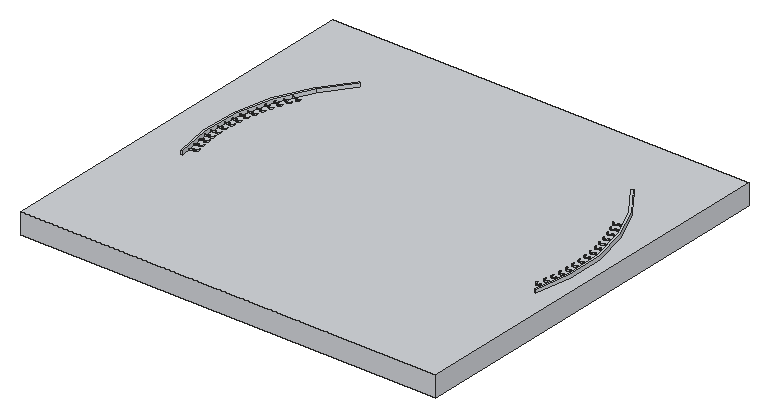
Revit family "CableCronstein", category Обобщенные модели, Revit 2019
Family settings
  Основа = Грань
  Может служить основой для арматурных стержней = Нет
  Размер круглого соединителя = Использовать диаметр
  Тип детали = Нормальный
  При загрузке вырезать с полостями = Нет
  Общий = Нет
  Точка расчета площади = Нет
Parameters (values of type "CC1200")
  Default Elevation = 1219.2 mm
  TubingLength = 1200 mm
  MovingFromBase = (TubingLength / 2) - 24 mm  # 576 mm
Types (2, lengths in mm): name | TubingLength | MovingFromBase
  CC1400 | 1400 | 676
  CC1200 | 1200 | 576
Reference planes
  plane 1 "По центру (Вперед/Назад)": y = 0
  plane 2: z = 0
  plane 3 "По центру (Влево/Вправо)": x = 0
Forms (mm)
  Extrusion 1, solid
    sketch origin (0, 0, 0) x (1, 0, 0) y (0, 1, 0)
      loop
        line (-3200, 2800) -> (-3200, -2920.03) -> (2893.021, -2920.03) -> (2893.021, 2800) -> (-3200, 2800)
    from 0 to -304.8
  Extrusion 2, solid
    sketch origin (1.088, 1.088, 0) x (0, -1, 0) y (1, 0, 0)
      loop
        line (-1798.373, 2011.855) -> (-1779.737, 1990.888)
        arc (-1779.737, 1990.888) -> (-1575.193, 2154.167) -> (-1356.022, 2297.216) r 2743.889
        arc (-1356.022, 2297.216) -> (-344.664, 2644.965) -> (722.372, 2572.801) r 2700.199
        line (722.372, 2572.801) -> (729.482, 2598.805)
        arc (729.482, 2598.805) -> (-609.587, 2628.946) -> (-1798.373, 2011.855) r 2700
    from 0 to 48
  Extrusion 3, solid
    sketch origin (-14.855, -0.058, 0) x (0, -1, 0) y (1, 0, 0)
      loop
        arc (-1093.44, 2372.14) -> (-1080.814, 2417.77) -> (-1125.615, 2433.08) r 34.517
        line (-1125.615, 2433.08) -> (-1124.384, 2429.244)
        arc (-1124.384, 2429.244) -> (-1084.459, 2416.109) -> (-1095.513, 2375.559) r 30.519
        arc (-1095.513, 2375.559) -> (-1097.444, 2370.184) -> (-1092.017, 2368.405) r 3.983
        arc (-1092.017, 2368.405) -> (-1053.23, 2352.214) -> (-1067.395, 2312.642) r 30.519
        line (-1067.395, 2312.642) -> (-1083.998, 2305.046) -> (-1081.953, 2300.944) -> (-1065.594, 2309.073)
        arc (-1065.594, 2309.073) -> (-1049.573, 2353.828) -> (-1093.44, 2372.14) r 34.517
    from 22 to 26
  Extrusion 4, solid
    sketch origin (-14.855, -0.058, 0) x (0, -1, 0) y (1, 0, 0)
      loop
        arc (-981.883, 2420.918) -> (-967.16, 2465.915) -> (-1011.206, 2483.28) r 34.517
        line (-1011.206, 2483.28) -> (-1010.153, 2479.391)
        arc (-1010.153, 2479.391) -> (-970.878, 2464.425) -> (-983.795, 2424.428) r 30.519
        arc (-983.795, 2424.428) -> (-985.972, 2419.148) -> (-980.633, 2417.12) r 3.983
        arc (-980.633, 2417.12) -> (-942.636, 2399.153) -> (-958.616, 2360.279) r 30.519
        line (-958.616, 2360.279) -> (-975.552, 2353.458) -> (-973.698, 2349.267) -> (-956.981, 2356.631)
        arc (-956.981, 2356.631) -> (-938.908, 2400.597) -> (-981.883, 2420.918) r 34.517
    from 22 to 26
  Extrusion 5, solid
    sketch origin (-14.855, -0.058, 0) x (0, -1, 0) y (1, 0, 0)
      loop
        arc (-868.453, 2465.053) -> (-851.667, 2509.322) -> (-894.862, 2528.704) r 34.517
        line (-894.862, 2528.704) -> (-893.991, 2524.771)
        arc (-893.991, 2524.771) -> (-855.449, 2508.005) -> (-870.202, 2468.649) r 30.519
        arc (-870.202, 2468.649) -> (-872.62, 2463.475) -> (-867.381, 2461.202) r 3.983
        arc (-867.381, 2461.202) -> (-830.255, 2441.498) -> (-848.015, 2403.404) r 30.519
        line (-848.015, 2403.404) -> (-865.248, 2397.373) -> (-863.591, 2393.101) -> (-846.551, 2399.684)
        arc (-846.551, 2399.684) -> (-826.465, 2442.768) -> (-868.453, 2465.053) r 34.517
    from 22 to 26
  Extrusion 6, solid
    sketch origin (-14.855, -0.058, 0) x (0, -1, 0) y (1, 0, 0)
      loop
        arc (-752.45, 2502.832) -> (-733.634, 2546.278) -> (-775.888, 2567.636) r 34.517
        line (-775.888, 2567.636) -> (-775.199, 2563.667)
        arc (-775.199, 2563.667) -> (-737.474, 2545.137) -> (-754.03, 2506.504) r 30.519
        arc (-754.03, 2506.504) -> (-756.685, 2501.448) -> (-751.556, 2498.936) r 3.983
        arc (-751.556, 2498.936) -> (-715.382, 2477.536) -> (-734.883, 2440.304) r 30.519
        line (-734.883, 2440.304) -> (-752.377, 2435.076) -> (-750.919, 2430.732) -> (-733.593, 2436.52)
        arc (-733.593, 2436.52) -> (-711.536, 2478.63) -> (-752.45, 2502.832) r 34.517
    from 22 to 26
  Extrusion 7, solid
    sketch origin (-14.855, -0.058, 0) x (0, -1, 0) y (1, 0, 0)
      loop
        arc (-635.603, 2535.474) -> (-614.799, 2578.004) -> (-656.02, 2601.292) r 34.517
        line (-656.02, 2601.292) -> (-655.515, 2597.296)
        arc (-655.515, 2597.296) -> (-618.687, 2577.041) -> (-637.011, 2539.216) r 30.519
        arc (-637.011, 2539.216) -> (-639.897, 2534.288) -> (-634.89, 2531.541) r 3.983
        arc (-634.89, 2531.541) -> (-599.743, 2508.492) -> (-620.946, 2472.201) r 30.519
        line (-620.946, 2472.201) -> (-638.662, 2467.788) -> (-637.406, 2463.38) -> (-619.831, 2468.361)
        arc (-619.831, 2468.361) -> (-595.852, 2509.406) -> (-635.603, 2535.474) r 34.517
    from 22 to 26
  Extrusion 8, solid
    sketch origin (-14.855, -0.058, 0) x (0, -1, 0) y (1, 0, 0)
      loop
        arc (-517.307, 2562.683) -> (-494.559, 2604.204) -> (-534.659, 2629.374) r 34.517
        line (-534.659, 2629.374) -> (-534.34, 2625.358)
        arc (-534.34, 2625.358) -> (-498.487, 2603.423) -> (-518.541, 2566.485) r 30.519
        arc (-518.541, 2566.485) -> (-521.652, 2561.696) -> (-516.777, 2558.72) r 3.983
        arc (-516.777, 2558.72) -> (-482.733, 2534.071) -> (-505.591, 2498.799) r 30.519
        line (-505.591, 2498.799) -> (-523.492, 2495.21) -> (-522.441, 2490.749) -> (-504.655, 2494.912)
        arc (-504.655, 2494.912) -> (-478.803, 2534.804) -> (-517.307, 2562.683) r 34.517
    from 22 to 26
  Extrusion 9, solid
    sketch origin (-14.855, -0.058, 0) x (0, -1, 0) y (1, 0, 0)
      loop
        arc (-396.96, 2584.171) -> (-372.317, 2624.596) -> (-411.21, 2651.593) r 34.517
        line (-411.21, 2651.593) -> (-411.077, 2647.567)
        arc (-411.077, 2647.567) -> (-376.277, 2623.997) -> (-398.017, 2588.026) r 30.519
        arc (-398.017, 2588.026) -> (-401.346, 2583.386) -> (-396.614, 2580.188) r 3.983
        arc (-396.614, 2580.188) -> (-363.746, 2553.991) -> (-388.21, 2519.814) r 30.519
        line (-388.21, 2519.814) -> (-406.258, 2517.056) -> (-405.415, 2512.551) -> (-387.455, 2515.888)
        arc (-387.455, 2515.888) -> (-359.787, 2554.542) -> (-396.96, 2584.171) r 34.517
    from 22 to 26
  Extrusion 10, solid
    sketch origin (-14.855, -0.058, 0) x (0, -1, 0) y (1, 0, 0)
      loop
        arc (-276.212, 2599.799) -> (-249.727, 2639.042) -> (-287.331, 2667.808) r 34.517
        line (-287.331, 2667.808) -> (-287.384, 2663.78)
        arc (-287.384, 2663.78) -> (-253.711, 2638.627) -> (-277.09, 2603.699) r 30.519
        arc (-277.09, 2603.699) -> (-280.63, 2599.217) -> (-276.051, 2595.804) r 3.983
        arc (-276.051, 2595.804) -> (-244.429, 2568.116) -> (-270.447, 2535.106) r 30.519
        line (-270.447, 2535.106) -> (-288.604, 2533.186) -> (-287.969, 2528.647) -> (-269.874, 2531.15)
        arc (-269.874, 2531.15) -> (-240.449, 2568.484) -> (-276.212, 2599.799) r 34.517
    from 22 to 26
  Extrusion 11, solid
    sketch origin (-14.855, -0.058, 0) x (0, -1, 0) y (1, 0, 0)
      loop
        arc (-155.097, 2610.385) -> (-126.825, 2648.362) -> (-163.059, 2678.835) r 34.517
        line (-163.059, 2678.835) -> (-163.298, 2674.814)
        arc (-163.298, 2674.814) -> (-130.824, 2648.131) -> (-155.793, 2614.321) r 30.519
        arc (-155.793, 2614.321) -> (-159.536, 2610.008) -> (-155.12, 2606.387) r 3.983
        arc (-155.12, 2606.387) -> (-124.812, 2577.266) -> (-152.328, 2545.495) r 30.519
        line (-152.328, 2545.495) -> (-170.554, 2544.416) -> (-170.13, 2539.852) -> (-151.939, 2541.516)
        arc (-151.939, 2541.516) -> (-120.819, 2577.449) -> (-155.097, 2610.385) r 34.517
    from 22 to 26
  Extrusion 12, solid
    sketch origin (-14.855, -0.058, 0) x (0, -1, 0) y (1, 0, 0)
      loop
        arc (-33.108, 2615.328) -> (-3.111, 2651.957) -> (-37.898, 2684.073) r 34.517
        line (-37.898, 2684.073) -> (-38.323, 2680.068)
        arc (-38.323, 2680.068) -> (-7.117, 2651.912) -> (-33.622, 2619.293) r 30.519
        arc (-33.622, 2619.293) -> (-37.561, 2615.157) -> (-33.317, 2611.336) r 3.983
        arc (-33.317, 2611.336) -> (-4.388, 2580.845) -> (-33.343, 2550.379) r 30.519
        line (-33.343, 2550.379) -> (-51.599, 2550.144) -> (-51.387, 2545.566) -> (-33.138, 2546.387)
        arc (-33.138, 2546.387) -> (-0.39, 2580.843) -> (-33.108, 2615.328) r 34.517
    from 22 to 26
  Extrusion 13, solid
    sketch origin (-14.855, -0.058, 0) x (0, -1, 0) y (1, 0, 0)
      loop
        arc (88.66, 2614.426) -> (120.319, 2649.63) -> (87.054, 2683.32) r 34.517
        line (87.054, 2683.32) -> (86.445, 2679.338)
        arc (86.445, 2679.338) -> (116.316, 2649.769) -> (88.33, 2618.41) r 30.519
        arc (88.33, 2618.41) -> (84.205, 2614.461) -> (88.268, 2610.448) r 3.983
        arc (88.268, 2610.448) -> (115.756, 2578.653) -> (85.424, 2549.558) r 30.519
        line (85.424, 2549.558) -> (67.176, 2550.167) -> (67.176, 2545.584) -> (85.444, 2545.56)
        arc (85.444, 2545.56) -> (119.75, 2578.466) -> (88.66, 2614.426) r 34.517
    from 22 to 26
  Extrusion 14, solid
    sketch origin (-14.855, -0.058, 0) x (0, -1, 0) y (1, 0, 0)
      loop
        arc (210.547, 2607.96) -> (243.799, 2641.662) -> (212.128, 2676.853) r 34.517
        line (212.128, 2676.853) -> (211.335, 2672.904)
        arc (211.335, 2672.904) -> (239.807, 2641.986) -> (210.402, 2611.955) r 30.519
        arc (210.402, 2611.955) -> (206.098, 2608.201) -> (209.971, 2604.004) r 3.983
        arc (209.971, 2604.004) -> (235.96, 2570.971) -> (204.315, 2543.31) r 30.519
        line (204.315, 2543.31) -> (186.115, 2544.762) -> (185.904, 2540.184) -> (204.15, 2539.316)
        arc (204.15, 2539.316) -> (239.941, 2570.6) -> (210.547, 2607.96) r 34.517
    from 22 to 26
  Extrusion 15, solid
    sketch origin (-14.855, -0.058, 0) x (0, -1, 0) y (1, 0, 0)
      loop
        arc (331.521, 2595.852) -> (366.295, 2627.981) -> (336.285, 2664.599) r 34.517
        line (336.285, 2664.599) -> (335.31, 2660.691)
        arc (335.31, 2660.691) -> (362.322, 2628.49) -> (331.56, 2599.85) r 30.519
        arc (331.56, 2599.85) -> (327.087, 2596.299) -> (330.762, 2591.927) r 3.983
        arc (330.762, 2591.927) -> (355.196, 2557.729) -> (322.306, 2531.56) r 30.519
        line (322.306, 2531.56) -> (304.193, 2533.852) -> (303.77, 2529.288) -> (321.957, 2527.578)
        arc (321.957, 2527.578) -> (359.155, 2557.174) -> (331.521, 2595.852) r 34.517
    from 22 to 26
  Extrusion 16, solid
    sketch origin (-14.855, -0.058, 0) x (0, -1, 0) y (1, 0, 0)
      loop
        arc (452.149, 2578.121) -> (488.371, 2608.608) -> (460.086, 2646.575) r 34.517
        line (460.086, 2646.575) -> (458.931, 2642.715)
        arc (458.931, 2642.715) -> (484.426, 2609.3) -> (452.373, 2582.113) r 30.519
        arc (452.373, 2582.113) -> (447.741, 2578.772) -> (451.21, 2574.236) r 3.983
        arc (451.21, 2574.236) -> (474.037, 2538.944) -> (439.972, 2514.324) r 30.519
        line (439.972, 2514.324) -> (421.984, 2517.451) -> (421.351, 2512.912) -> (439.439, 2510.362)
        arc (439.439, 2510.362) -> (477.966, 2538.207) -> (452.149, 2578.121) r 34.517
    from 22 to 26
  Extrusion 17, solid
    sketch origin (-14.855, -0.058, 0) x (0, -1, 0) y (1, 0, 0)
      loop
        arc (571.851, 2554.817) -> (609.444, 2583.597) -> (582.944, 2622.83) r 34.517
        line (582.944, 2622.83) -> (581.613, 2619.029)
        arc (581.613, 2619.029) -> (605.535, 2584.47) -> (572.259, 2558.794) r 30.519
        arc (572.259, 2558.794) -> (567.478, 2555.671) -> (570.733, 2550.979) r 3.983
        arc (570.733, 2550.979) -> (591.904, 2514.67) -> (556.738, 2491.651) r 30.519
        line (556.738, 2491.651) -> (538.913, 2495.606) -> (538.071, 2491.101) -> (556.022, 2487.718)
        arc (556.022, 2487.718) -> (595.795, 2513.752) -> (571.851, 2554.817) r 34.517
    from 22 to 26
  Extrusion 18, solid
    sketch origin (1.088, 1.088, 0) x (0, -1, 0) y (1, 0, 0)
      loop
        arc (-1798.373, -2014.031) -> (-609.587, -2631.121) -> (729.482, -2600.981) r 2700
        line (729.482, -2600.981) -> (722.372, -2574.977)
        arc (722.372, -2574.977) -> (-344.664, -2647.141) -> (-1356.022, -2299.392) r 2700.199
        arc (-1356.022, -2299.392) -> (-1575.193, -2156.343) -> (-1779.737, -1993.063) r 2743.889
        line (-1779.737, -1993.063) -> (-1798.373, -2014.031)
    from 0 to 48
  Extrusion 19, solid
    sketch origin (14.922, -0.507, 0) x (0, -1, 0) y (1, 0, 0)
      loop
        arc (-1093.44, -2372.14) -> (-1049.573, -2353.828) -> (-1065.594, -2309.073) r 34.517
        line (-1065.594, -2309.073) -> (-1081.953, -2300.944) -> (-1083.998, -2305.046) -> (-1067.395, -2312.642)
        arc (-1067.395, -2312.642) -> (-1053.23, -2352.214) -> (-1092.017, -2368.405) r 30.519
        arc (-1092.017, -2368.405) -> (-1097.444, -2370.184) -> (-1095.513, -2375.559) r 3.983
        arc (-1095.513, -2375.559) -> (-1084.459, -2416.109) -> (-1124.384, -2429.244) r 30.519
        line (-1124.384, -2429.244) -> (-1125.615, -2433.08)
        arc (-1125.615, -2433.08) -> (-1080.814, -2417.77) -> (-1093.44, -2372.14) r 34.517
    from 22 to 26
  Extrusion 20, solid
    sketch origin (14.922, -0.507, 0) x (0, -1, 0) y (1, 0, 0)
      loop
        arc (-981.883, -2420.918) -> (-938.908, -2400.597) -> (-956.981, -2356.631) r 34.517
        line (-956.981, -2356.631) -> (-973.698, -2349.267) -> (-975.552, -2353.458) -> (-958.616, -2360.279)
        arc (-958.616, -2360.279) -> (-942.636, -2399.153) -> (-980.633, -2417.12) r 30.519
        arc (-980.633, -2417.12) -> (-985.972, -2419.148) -> (-983.795, -2424.428) r 3.983
        arc (-983.795, -2424.428) -> (-970.878, -2464.425) -> (-1010.153, -2479.391) r 30.519
        line (-1010.153, -2479.391) -> (-1011.206, -2483.28)
        arc (-1011.206, -2483.28) -> (-967.16, -2465.915) -> (-981.883, -2420.918) r 34.517
    from 22 to 26
  Extrusion 21, solid
    sketch origin (14.922, -0.507, 0) x (0, -1, 0) y (1, 0, 0)
      loop
        arc (-868.453, -2465.053) -> (-826.465, -2442.768) -> (-846.551, -2399.684) r 34.517
        line (-846.551, -2399.684) -> (-863.591, -2393.101) -> (-865.248, -2397.373) -> (-848.015, -2403.404)
        arc (-848.015, -2403.404) -> (-830.255, -2441.498) -> (-867.381, -2461.202) r 30.519
        arc (-867.381, -2461.202) -> (-872.62, -2463.475) -> (-870.202, -2468.649) r 3.983
        arc (-870.202, -2468.649) -> (-855.449, -2508.005) -> (-893.991, -2524.771) r 30.519
        line (-893.991, -2524.771) -> (-894.862, -2528.704)
        arc (-894.862, -2528.704) -> (-851.667, -2509.322) -> (-868.453, -2465.053) r 34.517
    from 22 to 26
  Extrusion 22, solid
    sketch origin (14.922, -0.507, 0) x (0, -1, 0) y (1, 0, 0)
      loop
        arc (-752.45, -2502.832) -> (-711.536, -2478.63) -> (-733.593, -2436.52) r 34.517
        line (-733.593, -2436.52) -> (-750.919, -2430.732) -> (-752.377, -2435.076) -> (-734.883, -2440.304)
        arc (-734.883, -2440.304) -> (-715.382, -2477.536) -> (-751.556, -2498.936) r 30.519
        arc (-751.556, -2498.936) -> (-756.685, -2501.448) -> (-754.03, -2506.504) r 3.983
        arc (-754.03, -2506.504) -> (-737.474, -2545.137) -> (-775.199, -2563.667) r 30.519
        line (-775.199, -2563.667) -> (-775.888, -2567.636)
        arc (-775.888, -2567.636) -> (-733.634, -2546.278) -> (-752.45, -2502.832) r 34.517
    from 22 to 26
  Extrusion 23, solid
    sketch origin (14.922, -0.507, 0) x (0, -1, 0) y (1, 0, 0)
      loop
        arc (-635.603, -2535.474) -> (-595.852, -2509.406) -> (-619.831, -2468.361) r 34.517
        line (-619.831, -2468.361) -> (-637.406, -2463.38) -> (-638.662, -2467.788) -> (-620.946, -2472.201)
        arc (-620.946, -2472.201) -> (-599.743, -2508.492) -> (-634.89, -2531.541) r 30.519
        arc (-634.89, -2531.541) -> (-639.897, -2534.288) -> (-637.011, -2539.216) r 3.983
        arc (-637.011, -2539.216) -> (-618.687, -2577.041) -> (-655.515, -2597.296) r 30.519
        line (-655.515, -2597.296) -> (-656.02, -2601.292)
        arc (-656.02, -2601.292) -> (-614.799, -2578.004) -> (-635.603, -2535.474) r 34.517
    from 22 to 26
  Extrusion 24, solid
    sketch origin (14.922, -0.507, 0) x (0, -1, 0) y (1, 0, 0)
      loop
        arc (-517.307, -2562.683) -> (-478.803, -2534.804) -> (-504.655, -2494.912) r 34.517
        line (-504.655, -2494.912) -> (-522.441, -2490.749) -> (-523.492, -2495.21) -> (-505.591, -2498.799)
        arc (-505.591, -2498.799) -> (-482.733, -2534.071) -> (-516.777, -2558.72) r 30.519
        arc (-516.777, -2558.72) -> (-521.652, -2561.696) -> (-518.541, -2566.485) r 3.983
        arc (-518.541, -2566.485) -> (-498.487, -2603.423) -> (-534.34, -2625.358) r 30.519
        line (-534.34, -2625.358) -> (-534.659, -2629.374)
        arc (-534.659, -2629.374) -> (-494.559, -2604.204) -> (-517.307, -2562.683) r 34.517
    from 22 to 26
  Extrusion 25, solid
    sketch origin (14.922, -0.507, 0) x (0, -1, 0) y (1, 0, 0)
      loop
        arc (-396.96, -2584.171) -> (-359.787, -2554.542) -> (-387.455, -2515.888) r 34.517
        line (-387.455, -2515.888) -> (-405.415, -2512.551) -> (-406.258, -2517.056) -> (-388.21, -2519.814)
        arc (-388.21, -2519.814) -> (-363.746, -2553.991) -> (-396.614, -2580.188) r 30.519
        arc (-396.614, -2580.188) -> (-401.346, -2583.386) -> (-398.017, -2588.026) r 3.983
        arc (-398.017, -2588.026) -> (-376.277, -2623.997) -> (-411.077, -2647.567) r 30.519
        line (-411.077, -2647.567) -> (-411.21, -2651.593)
        arc (-411.21, -2651.593) -> (-372.317, -2624.596) -> (-396.96, -2584.171) r 34.517
    from 22 to 26
  Extrusion 26, solid
    sketch origin (14.922, -0.507, 0) x (0, -1, 0) y (1, 0, 0)
      loop
        arc (-276.212, -2599.799) -> (-240.449, -2568.484) -> (-269.874, -2531.15) r 34.517
        line (-269.874, -2531.15) -> (-287.969, -2528.647) -> (-288.604, -2533.186) -> (-270.447, -2535.106)
        arc (-270.447, -2535.106) -> (-244.429, -2568.116) -> (-276.051, -2595.804) r 30.519
        arc (-276.051, -2595.804) -> (-280.63, -2599.217) -> (-277.09, -2603.699) r 3.983
        arc (-277.09, -2603.699) -> (-253.711, -2638.627) -> (-287.384, -2663.78) r 30.519
        line (-287.384, -2663.78) -> (-287.331, -2667.808)
        arc (-287.331, -2667.808) -> (-249.727, -2639.042) -> (-276.212, -2599.799) r 34.517
    from 22 to 26
  Extrusion 27, solid
    sketch origin (14.922, -0.507, 0) x (0, -1, 0) y (1, 0, 0)
      loop
        arc (-155.097, -2610.385) -> (-120.819, -2577.449) -> (-151.939, -2541.516) r 34.517
        line (-151.939, -2541.516) -> (-170.13, -2539.852) -> (-170.554, -2544.416) -> (-152.328, -2545.495)
        arc (-152.328, -2545.495) -> (-124.812, -2577.266) -> (-155.12, -2606.387) r 30.519
        arc (-155.12, -2606.387) -> (-159.536, -2610.008) -> (-155.793, -2614.321) r 3.983
        arc (-155.793, -2614.321) -> (-130.824, -2648.131) -> (-163.298, -2674.814) r 30.519
        line (-163.298, -2674.814) -> (-163.059, -2678.835)
        arc (-163.059, -2678.835) -> (-126.825, -2648.362) -> (-155.097, -2610.385) r 34.517
    from 22 to 26
  Extrusion 28, solid
    sketch origin (14.922, -0.507, 0) x (0, -1, 0) y (1, 0, 0)
      loop
        arc (-33.108, -2615.328) -> (-0.39, -2580.843) -> (-33.138, -2546.387) r 34.517
        line (-33.138, -2546.387) -> (-51.387, -2545.566) -> (-51.599, -2550.144) -> (-33.343, -2550.379)
        arc (-33.343, -2550.379) -> (-4.388, -2580.845) -> (-33.317, -2611.336) r 30.519
        arc (-33.317, -2611.336) -> (-37.561, -2615.157) -> (-33.622, -2619.293) r 3.983
        arc (-33.622, -2619.293) -> (-7.117, -2651.912) -> (-38.323, -2680.068) r 30.519
        line (-38.323, -2680.068) -> (-37.898, -2684.073)
        arc (-37.898, -2684.073) -> (-3.111, -2651.957) -> (-33.108, -2615.328) r 34.517
    from 22 to 26
  Extrusion 29, solid
    sketch origin (14.922, -0.507, 0) x (0, -1, 0) y (1, 0, 0)
      loop
        arc (88.66, -2614.426) -> (119.75, -2578.466) -> (85.444, -2545.56) r 34.517
        line (85.444, -2545.56) -> (67.176, -2545.584) -> (67.176, -2550.167) -> (85.424, -2549.558)
        arc (85.424, -2549.558) -> (115.756, -2578.653) -> (88.268, -2610.448) r 30.519
        arc (88.268, -2610.448) -> (84.205, -2614.461) -> (88.33, -2618.41) r 3.983
        arc (88.33, -2618.41) -> (116.316, -2649.769) -> (86.445, -2679.338) r 30.519
        line (86.445, -2679.338) -> (87.054, -2683.32)
        arc (87.054, -2683.32) -> (120.319, -2649.63) -> (88.66, -2614.426) r 34.517
    from 22 to 26
  Extrusion 30, solid
    sketch origin (14.922, -0.507, 0) x (0, -1, 0) y (1, 0, 0)
      loop
        arc (210.547, -2607.96) -> (239.941, -2570.6) -> (204.15, -2539.316) r 34.517
        line (204.15, -2539.316) -> (185.904, -2540.184) -> (186.115, -2544.762) -> (204.315, -2543.31)
        arc (204.315, -2543.31) -> (235.96, -2570.971) -> (209.971, -2604.004) r 30.519
        arc (209.971, -2604.004) -> (206.098, -2608.201) -> (210.402, -2611.955) r 3.983
        arc (210.402, -2611.955) -> (239.807, -2641.986) -> (211.335, -2672.904) r 30.519
        line (211.335, -2672.904) -> (212.128, -2676.853)
        arc (212.128, -2676.853) -> (243.799, -2641.662) -> (210.547, -2607.96) r 34.517
    from 22 to 26
  Extrusion 31, solid
    sketch origin (14.922, -0.507, 0) x (0, -1, 0) y (1, 0, 0)
      loop
        arc (331.521, -2595.852) -> (359.155, -2557.174) -> (321.957, -2527.578) r 34.517
        line (321.957, -2527.578) -> (303.77, -2529.288) -> (304.193, -2533.852) -> (322.306, -2531.56)
        arc (322.306, -2531.56) -> (355.196, -2557.729) -> (330.762, -2591.927) r 30.519
        arc (330.762, -2591.927) -> (327.087, -2596.299) -> (331.56, -2599.85) r 3.983
        arc (331.56, -2599.85) -> (362.322, -2628.49) -> (335.31, -2660.691) r 30.519
        line (335.31, -2660.691) -> (336.285, -2664.599)
        arc (336.285, -2664.599) -> (366.295, -2627.981) -> (331.521, -2595.852) r 34.517
    from 22 to 26
  Extrusion 32, solid
    sketch origin (14.922, -0.507, 0) x (0, -1, 0) y (1, 0, 0)
      loop
        arc (452.149, -2578.121) -> (477.966, -2538.207) -> (439.439, -2510.362) r 34.517
        line (439.439, -2510.362) -> (421.351, -2512.912) -> (421.984, -2517.451) -> (439.972, -2514.324)
        arc (439.972, -2514.324) -> (474.037, -2538.944) -> (451.21, -2574.236) r 30.519
        arc (451.21, -2574.236) -> (447.741, -2578.772) -> (452.373, -2582.113) r 3.983
        arc (452.373, -2582.113) -> (484.426, -2609.3) -> (458.931, -2642.715) r 30.519
        line (458.931, -2642.715) -> (460.086, -2646.575)
        arc (460.086, -2646.575) -> (488.371, -2608.608) -> (452.149, -2578.121) r 34.517
    from 22 to 26
  Extrusion 33, solid
    sketch origin (14.922, -0.507, 0) x (0, -1, 0) y (1, 0, 0)
      loop
        arc (571.851, -2554.817) -> (595.795, -2513.752) -> (556.022, -2487.718) r 34.517
        line (556.022, -2487.718) -> (538.071, -2491.101) -> (538.913, -2495.606) -> (556.738, -2491.651)
        arc (556.738, -2491.651) -> (591.904, -2514.67) -> (570.733, -2550.979) r 30.519
        arc (570.733, -2550.979) -> (567.478, -2555.671) -> (572.259, -2558.794) r 3.983
        arc (572.259, -2558.794) -> (605.535, -2584.47) -> (581.613, -2619.029) r 30.519
        line (581.613, -2619.029) -> (582.944, -2622.83)
        arc (582.944, -2622.83) -> (609.444, -2583.597) -> (571.851, -2554.817) r 34.517
    from 22 to 26
Dimensions and locks
  aligned and locked: Extrusion 1 to plane 2
  aligned and locked: Extrusion 1 to level
